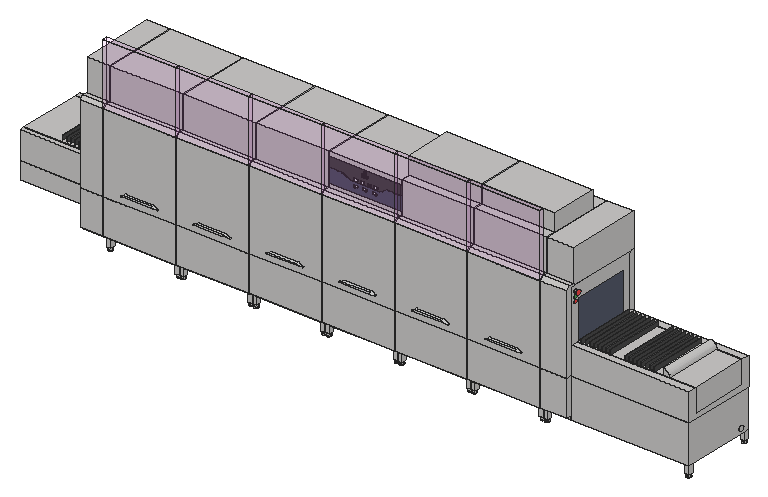
Revit family "QF_ELECTROLUXPROFESSIONAL_520131_EFTD108EL2U3D1M5EL386", category Attrezzature speciali, Revit 2020
Family settings
  Quota connettore circolare = Usa diametro
  Tipo di parte = Normale
  Basato su piano di lavoro = No
  Sempre verticale = Sì
  Taglio con vuoti quando caricato = No
  Condiviso = No
  Punto di calcolo locali = No
Parameters (values of type "Standard")
  Weight = 1602.00 kg
  Watts = 87700 W
  Volts = 380 V
  URL Manufacturer = "https://www.electroluxprofessional.com/"
  URL = "https://www.electroluxprofessional.com/"
  Steam Supply Size = 0 mm
  Steam Supply Minimum Pressure = 0.0 Pa
  Steam Supply Maximum Pressure = 0.0 Pa
  Steam Consumption per Hour = 0
  Show Logo [instance] = yes
  Show Clearance [instance] = yes
  Refrigeration Suction Line Size = 0 mm
  Refrigeration Liquid Line Size = 0 mm
  Refrigerant Compressor Remote = yes
  Prospetto di default = 0 mm
  Produttore = "Electrolux Professional"
  Phase = 3
  Modello = "EFTD108EL2U3D1M5EL386"
  Length Actual = 7350 mm  # constant formula
  Item Number = "520131"
  Hot Water Size = 0 mm
  Height Actual = 1983 mm  # constant formula
  HP = "117.6 HP"
  Gas Size = 0 mm
  Gas KW = 0
  Gas Input Pressure = 0 W
  Direct Waste Size = 50.8 mm
  Descrizione = "FT, 4TANKS, 10800D/H, EL., 950MM LOADING, 1600MM UNLOADING, 1DRYER, 55MM CONVEYOR,ESD,L>R,380V60HZ3P"
  Depth Actual = 946 mm  # constant formula
  Cycle = 60 Hz
  Condensate Return Size = 0 mm
  Compressed Air Volume = 0.0 L/s
  Compressed Air Size = 0 mm
  Compressed Air Pressure = 0.0 Pa
  Cold Water Size = 0 mm
  Accessory = yes
Reference planes
  plane 1 "Centro (Fronte/Retro)": y = 0
  plane 2: z = 0
  plane 3 "Centro (Sinistra/Destra)": x = 0
  plane 4: z = 115
Forms (mm)
  Extrusion 1, solid, material "QF_Finishes_Stainless Steel"
    sketch origin (3032.404, 2, 1806.023) x (1, 0, 0) y (0, 0, 1)
      loop
        line (407.596, -163.023) -> (407.596, -183.023) -> (427.596, -183.023) -> (427.596, -163.023) -> (407.596, -163.023)
    from 0 to 2
  Extrusion 2, solid, material "QF_Finishes_Stainless Steel"
    sketch origin (7355.617, -934.464, 1290.159) x (0, 0, -1) y (0, -1, 0)
      loop
        circle (1102.159, -772.464) r 25
    from -9.383 to 5.617
  Extrusion 3, solid, material "QF_Finishes_Stainless Steel"
    sketch origin (3692.404, 2, 337.984) x (1, 0, 0) y (0, 0, 1)
      loop
        line (407.596, -163.023) -> (407.596, -183.023) -> (427.596, -183.023) -> (427.596, -163.023) -> (407.596, -163.023)
    from 0 to 2
  Extrusion 4, solid, material "QF_Finishes_Stainless Steel"
    sketch origin (3497.841, 200.464, 109.383) x (1, 0, 0) y (0, 1, 0)
      loop
        circle (1102.159, -772.464) r 10
    from -9.383 to 5.617
Dimensions and locks
  plane 4 to level = 115 mm
  aligned and locked: level to plane 2
Nested families
  nested 1: "MODULO_CENTER_800_FAN" at (4533.563, -388.258, 0), Show Clearance <- "Show Clearance", type "MODULO_CENTER_800_FAN"
    with Show Logo yes, Show Clearance yes, R_L no, L_R yes
  nested 2: "MODULO_CENTER_800_FAN" at (5333.563, -388.258, 0), Show Clearance <- "Show Clearance", type "MODULO_CENTER_800_FAN"
    with Show Logo yes, Show Clearance yes, R_L no, L_R yes
  nested 3: "MODULO_CENTER_800" at (3733.563, -388.258, 0), Show Clearance <- "Show Clearance", type "MODULO_CENTER_800"
    with Show Logo yes, Show Clearance yes, R_L no, L_R yes
  nested 4: "MODULO_ENTRY_DISH_950" at (558.563, -388.258, 0), type "MODULO_ENTRY_DISH_950"
    with Show Logo yes, Show Clearance yes, R_L no, L_R yes
  nested 5: "MODULO_USCITA_DISH_1600" at (6108.563, -388.258, 0), type "MODULO_USCITA_DISH_1600"
    with Show Logo yes, Show Clearance yes, R_L yes, L_R no
  nested 6: "Piedino_Square_115H" at (7326.5, -73.5, 0) x (-1, 0, 0) z (0, 0, 1), type "Piedino_Square_115H"
  nested 7: "Piedino_Square_115H" at (7326.5, -838.5, 0) x (-1, 0, 0) z (0, 0, 1), type "Piedino_Square_115H"
  nested 8: "Piedino_Square_115H" at (5773.5, -73.5, 0) x (-1, 0, 0) z (0, 0, 1), type "Piedino_Square_115H"
  nested 9: "Piedino_Square_115H" at (5773.5, -838.5, 0) x (-1, 0, 0) z (0, 0, 1), type "Piedino_Square_115H"
  nested 10: "Piedino_Square_115H" at (4173.5, -838.5, 0), type "Piedino_Square_115H"
  nested 11: "Piedino_Square_115H" at (4173.5, -73.5, 0), type "Piedino_Square_115H"
  nested 12: "Piedino_Square_115H" at (4926.5, -838.5, 0), type "Piedino_Square_115H"
  nested 13: "Piedino_Square_115H" at (4926.5, -73.5, 0), type "Piedino_Square_115H"
  nested 14: "Piedino_Square_115H" at (4973.5, -838.5, 0) x (-1, 0, 0) z (0, 0, 1), type "Piedino_Square_115H"
  nested 15: "Piedino_Square_115H" at (4973.5, -73.5, 0) x (-1, 0, 0) z (0, 0, 1), type "Piedino_Square_115H"
  nested 16: "Piedino_Square_115H" at (5726.5, -838.5, 0) x (-1, 0, 0) z (0, 0, 1), type "Piedino_Square_115H"
  nested 17: "Piedino_Square_115H" at (5726.5, -73.5, 0) x (-1, 0, 0) z (0, 0, 1), type "Piedino_Square_115H"
  nested 18: "Piedino_Square_115H" at (3373.5, -838.5, 0), type "Piedino_Square_115H"
  nested 19: "Piedino_Square_115H" at (3373.5, -73.5, 0), type "Piedino_Square_115H"
  nested 20: "Piedino_Square_115H" at (4126.5, -838.5, 0), type "Piedino_Square_115H"
  nested 21: "Piedino_Square_115H" at (4126.5, -73.5, 0), type "Piedino_Square_115H"
  nested 22: "MANIGLIA_FLIGHT_400" at (3750, -912, 639.28) x (1, 0, 0) z (0, -1, 0), type "MANIGLIA_FLIGHT_400"
  nested 23: "MANIGLIA_FLIGHT_400" at (5350, -912, 639.28) x (1, 0, 0) z (0, -1, 0), type "MANIGLIA_FLIGHT_400"
  nested 24: "MANIGLIA_FLIGHT_400" at (4550, -912, 639.28) x (1, 0, 0) z (0, -1, 0), type "MANIGLIA_FLIGHT_400"
  nested 25: "MODULO_CENTER_800" at (2966.437, -388.258, 0) x (-1, 0, 0) z (0, 0, 1), Show Clearance <- "Show Clearance", type "MODULO_CENTER_800"
    with Show Logo yes, Show Clearance yes, R_L no, L_R yes
  nested 26: "Piedino_Square_115H" at (3326.5, -838.5, 0) x (-1, 0, 0) z (0, 0, 1), type "Piedino_Square_115H"
  nested 27: "Piedino_Square_115H" at (3326.5, -73.5, 0) x (-1, 0, 0) z (0, 0, 1), type "Piedino_Square_115H"
  nested 28: "Piedino_Square_115H" at (2573.5, -838.5, 0) x (-1, 0, 0) z (0, 0, 1), type "Piedino_Square_115H"
  nested 29: "Piedino_Square_115H" at (2573.5, -73.5, 0) x (-1, 0, 0) z (0, 0, 1), type "Piedino_Square_115H"
  nested 30: "MANIGLIA_FLIGHT_400" at (2950, -912, 639.28) x (-1, 0, 0) z (0, -1, 0), type "MANIGLIA_FLIGHT_400"
  nested 31: "MODULO_CENTER_800" at (2133.563, -388.258, 0), Show Clearance <- "Show Clearance", type "MODULO_CENTER_800"
    with Show Logo yes, Show Clearance yes, R_L no, L_R yes
  nested 32: "Piedino_Square_115H" at (1773.5, -838.5, 0), type "Piedino_Square_115H"
  nested 33: "Piedino_Square_115H" at (1773.5, -73.5, 0), type "Piedino_Square_115H"
  nested 34: "Piedino_Square_115H" at (2526.5, -838.5, 0), type "Piedino_Square_115H"
  nested 35: "Piedino_Square_115H" at (2526.5, -73.5, 0), type "Piedino_Square_115H"
  nested 36: "MANIGLIA_FLIGHT_400" at (2150, -912, 639.28) x (1, 0, 0) z (0, -1, 0), type "MANIGLIA_FLIGHT_400"
  nested 37: "MODULO_CENTER_800" at (1366.437, -388.258, 0) x (-1, 0, 0) z (0, 0, 1), Show Clearance <- "Show Clearance", type "MODULO_CENTER_800"
    with Show Logo yes, Show Clearance yes, R_L no, L_R yes
  nested 38: "Piedino_Square_115H" at (1726.5, -838.5, 0) x (-1, 0, 0) z (0, 0, 1), type "Piedino_Square_115H"
  nested 39: "Piedino_Square_115H" at (1726.5, -73.5, 0) x (-1, 0, 0) z (0, 0, 1), type "Piedino_Square_115H"
  nested 40: "Piedino_Square_115H" at (973.5, -838.5, 0) x (-1, 0, 0) z (0, 0, 1), type "Piedino_Square_115H"
  nested 41: "Piedino_Square_115H" at (973.5, -73.5, 0) x (-1, 0, 0) z (0, 0, 1), type "Piedino_Square_115H"
  nested 42: "MANIGLIA_FLIGHT_400" at (1350, -912, 639.28) x (-1, 0, 0) z (0, -1, 0), type "MANIGLIA_FLIGHT_400"
  nested 43: "Schermo_Flight_800" at (3750, -815, 1592.837) x (1, 0, 0) z (0, -1, 0), type "Schermo_Flight_800"
  nested 44: "ELX_LOGO_WORDS_WHITE" at (3750, -816.6, 1682.837) x (1, 0, 0) z (0, -1, 0), Show Logo <- "Show Logo", visible <- "Show Logo", type "ELX_LOGO_WORDS_WHITE"
    with Show Logo yes
  nested 45: "ELX_LOGO_MONO_SMALL_WHITE" at (3740.08, -816.6, 1668.837) x (-1, 0, 0) z (0, -1, 0), Show Logo <- "Show Logo", visible <- "Show Logo", type "ELX_LOGO_MONO_SMALL_WHITE"
    with Show Logo yes
Connectors
  electrical at (3450, 2, 1633)
    settings: on Extrusion 1, index 69, voltage 0 V, apparent load 0 VA, apparent load phase1 0 VA, apparent load phase2 0 VA, apparent load phase3 0 VA, power factor 1, load classification "Altro", number of poles 1, system type 30, power factor state 1, is connector primary yes, connector utility no, sub classification motor no, connector description "EI"
  piping at (7365, -162, 188), diameter 50
    settings: on Extrusion 2, index 70, connector inside diameter 609.6 mm, connector length 0 mm, flow factor 0, pipe flow 0.0 L/s, pressure drop 0.0 Pa, fitting loss kfactor 0, connector angle 0.00°, fixture units 0, engagement length 0 mm, angle of deflection 0.00°, flow configuration 0, flow direction 0, fitting loss method 0, system type 29, joint type 0, gender type 0, connector reference index -1, connector utility 0, adjustable connector no, is connector primary yes, connector description "D"
  electrical at (4110, 2, 164.961)
    settings: on Extrusion 3, index 71, voltage 0 V, apparent load 0 VA, apparent load phase1 0 VA, apparent load phase2 0 VA, apparent load phase3 0 VA, power factor 1, load classification "Altro", number of poles 1, system type 30, power factor state 1, is connector primary no, connector utility no, sub classification motor no, connector description "EQ"
  piping at (4600, -572, 100), diameter 19.1
    settings: on Extrusion 4, index 72, connector inside diameter 609.6 mm, connector length 0 mm, flow factor 0, pipe flow 0.0 L/s, pressure drop 0.0 Pa, fitting loss kfactor 0, connector angle 0.00°, fixture units 0, engagement length 0 mm, angle of deflection 0.00°, flow configuration 0, flow direction 0, fitting loss method 0, system type 29, joint type 0, gender type 0, connector reference index -1, connector utility 0, adjustable connector no, is connector primary no, connector description "HWI/CWI"
Definition of nested family "MODULO_CENTER_800_FAN"
  Parameters (values of type "MODULO_CENTER_800_FAN")
    URL = "http://professional.electrolux.com"
    Show Logo [instance] = yes
    R_L [instance] = not(L_R)  # no
    Default Elevation = 0 mm
    Manufacturer = "Electrolux"
    Model = "ESR10E5"
    Length Actual = 800 mm
    Show Clearance [instance] = yes
    L_R [instance] = yes
    Height Actual = 1792 mm
    Description = "SINGLE RINSE RT, 100R/H, ELECTRIC 50HZ"
    Depth Actual = 912 mm
  Reference planes
    plane 1 "Center X": y = -67.742
    plane 2: z = 0
    plane 3 "LEFT": x = -383.563
    plane 4 "RIGHT": x = 416.437
    plane 5 "BACK": y = 388.258
    plane 6 "FEET": z = 115
    plane 7: z = 2092
    plane 8 "TOP": z = 1792
    plane 9 "FRONT": y = -523.742
    plane 10 "Left/Right": x = 16.437
    plane 11 "TopVent": z = 1983
  Forms (mm)
    Extrusion 1, solid
      sketch origin (416.437, 479.936, 4000) x (0, 1, 0) y (0, 0, 1)
        loop
          line (-91.678, -2208) -> (-906.678, -2208) -> (-906.678, -2580) -> (-91.678, -2580) -> (-91.678, -2208)
      from -800 to 0
    Extrusion 2, solid
      sketch origin (-383.563, 437.565, 3910) x (0, 1, 0) y (0, 0, 1)
        loop
          line (-99.307, -2490) -> (-911.307, -2490) -> (-911.307, -3552) -> (-99.307, -3552) -> (-99.307, -2490)
      from 800 to 0
    Extrusion 3, solid
      sketch origin (416.437, 479.936, 4299) x (0, 1, 0) y (0, 0, 1)
        loop
          line (-278.21, -2316) -> (-803.678, -2316) -> (-803.678, -2507) -> (-278.21, -2507) -> (-278.21, -2316)
      from -800 to 0
    Extrusion 4, solid
      sketch origin (16.437, 0, 1.5) x (0, 0, 1) y (0, -1, 0)
        loop
          line (356.5, -338.258) -> (356.5, 473.742) -> (113.5, 473.742) -> (113.5, -338.258) -> (356.5, -338.258)
      from 400 to -400
    Extrusion 5, solid
      sketch origin (16.437, 0, 0) x (0, 0, 1) y (0, -1, 0)
        loop
          line (1420, -338.258) -> (545, -338.258) -> (545, -388.258) -> (1420, -388.258) -> (1420, -338.258)
      from -400 to 400
    Extrusion 6, solid
      sketch origin (16.437, 0, 0) x (0, 0, 1) y (0, -1, 0)
        loop
          line (545, -388.258) -> (545, -338.258) -> (154, -338.258) -> (154, -388.258) -> (545, -388.258)
      from -400 to 400
    Extrusion 7, solid
      sketch origin (16.437, -882.484, -150) x (0, -1, 0) y (0, 0, 1)
        loop
          line (-358.742, 304) -> (-358.742, 695) -> (-408.742, 695) -> (-408.742, 304) -> (-358.742, 304)
      from -400 to 400
    Extrusion 8, solid
      sketch origin (16.437, -882.484, -151) x (0, -1, 0) y (0, 0, 1)
        loop
          line (-408.742, 1571) -> (-408.742, 696) -> (-358.742, 696) -> (-358.742, 1556) -> (-395.742, 1593) -> (-443.742, 1593) -> (-443.742, 1571) -> (-408.742, 1571)
      from -400 to 400
    Extrusion 9, solid, visible <- "Show Clearance"
      sketch origin (16.437, -882.484, 452) x (0, -1, 0) y (0, 0, 1)
        loop
          line (-408.742, 1640) -> (-408.742, 953.624) -> (-358.742, 953.624) -> (-358.742, 1640) -> (-408.742, 1640)
      from -400 to 400
  Dimensions and locks
    plane 3 "LEFT" to plane 4 "RIGHT" = 800 mm
    plane 5 "BACK" to plane 1 "Center X" to plane 9 "FRONT" = 456 mm, 456 mm
    plane 6 "FEET" to level = 115 mm  (x2)
    plane 6 "FEET" to plane 8 "TOP" = 1677 mm
    plane 5 "BACK" to plane 9 "FRONT" = 912 mm  (x2)
    plane 4 "RIGHT" to plane 3 "LEFT" = 800 mm
    plane 9 "FRONT" to plane 5 "BACK" = 912 mm
    level to plane 8 "TOP" = 1792 mm  (x2)
    plane 7 to level = 2092 mm
    plane 11 "TopVent" to plane 2 = 1983 mm
    plane 7 to plane 2 = 2092 mm
    Extrusion 2 to level = 1420 mm
    Extrusion 8 to level = 1442 mm
    plane 11 "TopVent" to level = 1983 mm
    aligned and locked: level to plane 2
Definition of nested family "MODULO_CENTER_800"
  Parameters (values of type "MODULO_CENTER_800")
    URL = "http://professional.electrolux.com"
    Show Logo [instance] = yes
    R_L [instance] = not(L_R)  # no
    Default Elevation = 0 mm
    Manufacturer = "Electrolux"
    Model = "ESR10E5"
    Length Actual = 800 mm
    Show Clearance [instance] = yes
    L_R [instance] = yes
    Height Actual = 1792 mm
    Description = "SINGLE RINSE RT, 100R/H, ELECTRIC 50HZ"
    Depth Actual = 912 mm
  Reference planes
    plane 1 "Center X": y = -67.742
    plane 2: z = 0
    plane 3 "LEFT": x = -383.563
    plane 4 "RIGHT": x = 416.437
    plane 5 "BACK": y = 388.258
    plane 6 "FEET": z = 115
    plane 7: z = 2092
    plane 8 "TOP": z = 1792
    plane 9 "FRONT": y = -523.742
    plane 10 "Left/Right": x = 16.437
  Forms (mm)
    Extrusion 1, solid
      sketch origin (416.437, 479.936, 4000) x (0, 1, 0) y (0, 0, 1)
        loop
          line (-91.678, -2208) -> (-906.678, -2208) -> (-906.678, -2580) -> (-91.678, -2580) -> (-91.678, -2208)
      from -800 to 0
    Extrusion 2, solid
      sketch origin (-383.563, 437.565, 3915) x (0, 1, 0) y (0, 0, 1)
        loop
          line (-99.307, -2495) -> (-911.307, -2495) -> (-911.307, -3557) -> (-99.307, -3557) -> (-99.307, -2495)
      from 800 to 0
    Extrusion 3, solid
      sketch origin (16.437, 0, 1.5) x (0, 0, 1) y (0, -1, 0)
        loop
          line (356.5, -338.258) -> (356.5, 473.742) -> (113.5, 473.742) -> (113.5, -338.258) -> (356.5, -338.258)
      from 400 to -400
    Extrusion 4, solid
      sketch origin (16.437, 0, 0) x (0, 0, 1) y (0, -1, 0)
        loop
          line (1420, -338.258) -> (545, -338.258) -> (545, -388.258) -> (1420, -388.258) -> (1420, -338.258)
      from -400 to 400
    Extrusion 5, solid
      sketch origin (16.437, 0, 0) x (0, 0, 1) y (0, -1, 0)
        loop
          line (545, -388.258) -> (545, -338.258) -> (154, -338.258) -> (154, -388.258) -> (545, -388.258)
      from -400 to 400
    Extrusion 6, solid
      sketch origin (16.437, -882.484, -150) x (0, -1, 0) y (0, 0, 1)
        loop
          line (-358.742, 304) -> (-358.742, 695) -> (-408.742, 695) -> (-408.742, 304) -> (-358.742, 304)
      from -400 to 400
    Extrusion 7, solid
      sketch origin (16.437, -882.484, -151) x (0, -1, 0) y (0, 0, 1)
        loop
          line (-408.742, 1571) -> (-408.742, 696) -> (-358.742, 696) -> (-358.742, 1556) -> (-395.742, 1593) -> (-443.742, 1593) -> (-443.742, 1571) -> (-408.742, 1571)
      from -400 to 400
    Extrusion 8, solid, visible <- "Show Clearance"
      sketch origin (16.437, -882.484, 452) x (0, -1, 0) y (0, 0, 1)
        loop
          line (-408.742, 1640) -> (-408.742, 953.624) -> (-358.742, 953.624) -> (-358.742, 1640) -> (-408.742, 1640)
      from -400 to 400
  Dimensions and locks
    plane 3 "LEFT" to plane 4 "RIGHT" = 800 mm
    plane 5 "BACK" to plane 1 "Center X" to plane 9 "FRONT" = 456 mm, 456 mm
    plane 6 "FEET" to level = 115 mm  (x2)
    plane 6 "FEET" to plane 8 "TOP" = 1677 mm
    plane 5 "BACK" to plane 9 "FRONT" = 912 mm  (x2)
    plane 4 "RIGHT" to plane 3 "LEFT" = 800 mm
    plane 9 "FRONT" to plane 5 "BACK" = 912 mm
    level to plane 8 "TOP" = 1792 mm  (x2)
    plane 7 to level = 2092 mm
    plane 7 to plane 2 = 2092 mm
    Extrusion 2 to level = 1420 mm
    Extrusion 7 to level = 1442 mm
    aligned and locked: level to plane 2
Definition of nested family "MODULO_ENTRY_DISH_950"
  Parameters (values of type "MODULO_ENTRY_DISH_950")
    URL = "http://professional.electrolux.com"
    Show Logo [instance] = yes
    R_L [instance] = not(L_R)  # no
    Default Elevation = 0 mm
    Manufacturer = "Electrolux"
    Model = "ESR10E5"
    Length Actual = 800 mm
    Show Clearance [instance] = yes
    L_R [instance] = yes
    Height Actual = 1792 mm
    Description = "SINGLE RINSE RT, 100R/H, ELECTRIC 50HZ"
    Depth Actual = 912 mm
  Reference planes
    plane 1 "Center (Front/Back)": y = -67.742
    plane 2: z = 0
    plane 3 "LEFT": x = -558.563
    plane 4 "RIGHT": x = 391.437
    plane 5 "BACK": y = 388.258
    plane 6 "FRONT": y = -523.742
    plane 7 "BUTTONS": y = -427.742
    plane 8: z = 115
    plane 9 "2": y = 292.258
  Forms (mm)
    Extrusion 1, solid, visible <- "L_R"
      sketch origin (391.437, 479.936, 4000) x (0, 1, 0) y (0, 0, 1)
        loop
          line (-91.678, -2208) -> (-906.678, -2208) -> (-906.678, -2580) -> (-91.678, -2580) -> (-91.678, -2208)
      from -250 to 0
    Extrusion 2, solid
      sketch origin (-358.563, 437.565, 3910) x (0, 1, 0) y (0, 0, 1)
        loop
          line (-99.307, -2490) -> (-911.307, -2490) -> (-911.307, -3552) -> (-99.307, -3552) -> (-99.307, -2490)
      from 750 to 500
    Extrusion 3, solid
      sketch origin (-558.563, 437.565, 3910) x (0, 1, 0) y (0, 0, 1)
        loop
          line (-99.307, -3365) -> (-99.307, -3060) -> (-149.307, -3060) -> (-149.307, -3315) -> (-861.307, -3315) -> (-861.307, -3060) -> (-911.307, -3060) -> (-911.307, -3365) -> (-99.307, -3365)
      from 700 to 0
    Extrusion 4, solid
      sketch origin (16.437, 0, -4.987) x (0, 0, 1) y (0, -1, 0)
        loop
          line (362.987, -338.258) -> (362.987, 473.742) -> (119.987, 473.742) -> (119.987, -338.258) -> (362.987, -338.258)
      from 375 to 125
    Extrusion 5, solid, visible <- "L_R"
      sketch origin (16.437, 0, 0) x (0, 0, 1) y (0, -1, 0)
        loop
          line (1420, -338.258) -> (545, -338.258) -> (545, -388.258) -> (1420, -388.258) -> (1420, -338.258)
      from 125 to 375
    Extrusion 6, solid
      sketch origin (16.437, 0, 0) x (0, 0, 1) y (0, -1, 0)
        loop
          line (545, -388.258) -> (545, -338.258) -> (154, -338.258) -> (154, -388.258) -> (545, -388.258)
      from 125 to 375
    Extrusion 7, solid
      sketch origin (-558.563, 437.565, 3607.258) x (0, 1, 0) y (0, 0, 1)
        loop
          line (-99.307, -3249.258) -> (-99.307, -3062.258) -> (-911.307, -3062.258) -> (-911.307, -3249.258) -> (-99.307, -3249.258)
      from 700 to 0
    Extrusion 8, solid
      sketch origin (-558.563, 437.565, 4000) x (0, 1, 0) y (0, 0, 1)
        loop
          line (-149.307, -3150) -> (-861.307, -3150) -> (-861.307, -3405) -> (-149.307, -3405) -> (-149.307, -3150)
      from 0 to 700
    Extrusion 9, solid
      sketch origin (266.437, -882.484, -150) x (0, -1, 0) y (0, 0, 1)
        loop
          line (-358.742, 304) -> (-358.742, 695) -> (-408.742, 695) -> (-408.742, 304) -> (-358.742, 304)
      from -125 to 125
    Extrusion 10, solid, visible <- "L_R"
      sketch origin (266.437, -882.484, -151) x (0, -1, 0) y (0, 0, 1)
        loop
          line (-408.742, 1571) -> (-408.742, 696) -> (-358.742, 696) -> (-358.742, 1556) -> (-395.742, 1593) -> (-443.742, 1593) -> (-443.742, 1571) -> (-408.742, 1571)
      from -125 to 125
    Extrusion 11, solid
      sketch origin (-358.563, 437.565, 4000) x (0, 1, 0) y (0, 0, 1)
        loop
          line (-199.307, -2725.701) -> (-811.307, -2725.701) -> (-811.307, -3137.701) -> (-199.307, -3137.701) -> (-199.307, -2725.701)
      from 495.458 to 500
    Extrusion 12, solid, visible <- "R_L"
      sketch origin (266.437, 747, -151) x (0, 1, 0) y (0, 0, -1)
        loop
          line (-408.742, -1571) -> (-443.742, -1571) -> (-443.742, -1593) -> (-395.742, -1593) -> (-358.742, -1556) -> (-358.742, -696) -> (-408.742, -696) -> (-408.742, -1571)
      from -125 to 125
    Extrusion 13, solid, visible <- "R_L"
      sketch origin (16.437, -135.484, 0) x (0, 0, 1) y (0, -1, 0)
        loop
          line (1420, 338.258) -> (1420, 388.258) -> (545, 388.258) -> (545, 338.258) -> (1420, 338.258)
      from 125 to 375
    Extrusion 14, solid, visible <- "R_L"
      sketch origin (391.437, -615.42, 4000) x (0, -1, 0) y (0, 0, -1)
        loop
          line (-91.678, 2208) -> (-91.678, 2580) -> (-906.678, 2580) -> (-906.678, 2208) -> (-91.678, 2208)
      from -250 to 0
    Extrusion 15, solid
      sketch origin (-191.477, -192.742, -3) x (-1, 0, 0) y (0, 0, 1)
        loop
          line (-26.676, 853) -> (-26.676, 898) -> (-36.676, 898) -> (-36.676, 853) -> (-26.676, 853)
      from -196 to 446
    Extrusion 16, solid
      sketch origin (-146.477, -192.742, -3) x (-1, 0, 0) y (0, 0, 1)
        loop
          line (-26.676, 853) -> (-26.676, 898) -> (-36.676, 898) -> (-36.676, 853) -> (-26.676, 853)
      from -196 to 446
    Extrusion 17, solid
      sketch origin (-101.477, -192.742, -3) x (-1, 0, 0) y (0, 0, 1)
        loop
          line (-26.676, 853) -> (-26.676, 898) -> (-36.676, 898) -> (-36.676, 853) -> (-26.676, 853)
      from -196 to 446
    Extrusion 18, solid
      sketch origin (-56.477, -192.742, -3) x (-1, 0, 0) y (0, 0, 1)
        loop
          line (-26.676, 853) -> (-26.676, 898) -> (-36.676, 898) -> (-36.676, 853) -> (-26.676, 853)
      from -196 to 446
    Extrusion 19, solid
      sketch origin (-11.477, -192.742, -3) x (-1, 0, 0) y (0, 0, 1)
        loop
          line (-26.676, 853) -> (-26.676, 898) -> (-36.676, 898) -> (-36.676, 853) -> (-26.676, 853)
      from -196 to 446
    Extrusion 20, solid
      sketch origin (33.523, -192.742, -3) x (-1, 0, 0) y (0, 0, 1)
        loop
          line (-26.676, 853) -> (-26.676, 898) -> (-36.676, 898) -> (-36.676, 853) -> (-26.676, 853)
      from -196 to 446
  Dimensions and locks
    plane 3 "LEFT" to plane 4 "RIGHT" = 950 mm
    plane 5 "BACK" to plane 1 "Center (Front/Back)" to plane 6 "FRONT" = 456 mm, 456 mm
    plane 5 "BACK" to plane 6 "FRONT" = 912 mm  (x2)
    plane 4 "RIGHT" to plane 3 "LEFT" = 950 mm  (x2)
    plane 6 "FRONT" to plane 5 "BACK" = 912 mm
    plane 8 to level = 115 mm
    Extrusion 1 to level = 1792 mm
    Extrusion 3 to level = 850 mm
    aligned and locked: level to plane 2
  Nested families
    nested 1: "BOTTONE_RED_STOP" at (141.437, -427.742, 1266.906) x (0, -1, 0) z (-1, 0, 0), visible <- "L_R", type "BOTTONE_RED_STOP"
    nested 2: "BOTTONE_EMERGENCY_STOP" at (141.437, -427.742, 1370) x (0, -1, 0) z (-1, 0, 0), visible <- "L_R", type "BOTTONE_EMERGENCY_STOP"
    nested 3: "BOTTONE_GREEN_START" at (141.437, -427.742, 1316.906) x (0, -1, 0) z (-1, 0, 0), visible <- "L_R", type "BOTTONE_GREEN_START"
    nested 4: "BOTTONE_RED_STOP" at (141.437, 292.258, 1267.906) x (0, 1, 0) z (-1, 0, 0), visible <- "R_L", type "BOTTONE_RED_STOP"
    nested 5: "BOTTONE_EMERGENCY_STOP" at (141.437, 292.258, 1371) x (0, 1, 0) z (-1, 0, 0), visible <- "R_L", type "BOTTONE_EMERGENCY_STOP"
    nested 6: "BOTTONE_GREEN_START" at (141.437, 292.258, 1317.906) x (0, 1, 0) z (-1, 0, 0), visible <- "R_L", type "BOTTONE_GREEN_START"
  Definition of nested family "BOTTONE_RED_STOP"
    Parameters (values of type "BOTTONE_RED_STOP")
      Default Elevation = 1219.2 mm
    Reference planes
      plane 1 "Centro (Fronte/Retro)": y = 0
      plane 2: z = 0
      plane 3 "Centro (Sinistra/Destra)": x = 0
    Forms (mm)
      Extrusion 1, solid
        sketch origin (0, 0, 0) x (1, 0, 0) y (0, 1, 0)
          loop
            line (-1219.2, 1219.2) -> (-1219.2, -1219.2) -> (1219.2, -1219.2) -> (1219.2, 1219.2) -> (-1219.2, 1219.2)
        from 0 to -304.8
      Extrusion 2, solid
        sketch origin (-367.513, 69.533, 15) x (-1, 0, 0) y (0, 1, 0)
          loop
            circle (-367.513, -69.533) r 15
        from 0 to 15
    Dimensions and locks
      aligned and locked: plane 2 to Extrusion 1
      aligned and locked: level to Extrusion 1
  Definition of nested family "BOTTONE_EMERGENCY_STOP"
    Parameters
      Default Elevation = 1219.2 mm
    Reference planes
      plane 1 "Centro (Fronte/Retro)": y = 0
      plane 2: z = 0
      plane 3 "Centro (Sinistra/Destra)": x = 0
    Forms (mm)
      Extrusion 1, solid
        sketch origin (0, 0, 0) x (1, 0, 0) y (0, 1, 0)
          loop
            line (-1219.2, 1219.2) -> (-1219.2, -1219.2) -> (1219.2, -1219.2) -> (1219.2, 1219.2) -> (-1219.2, 1219.2)
        from 0 to -304.8
      Extrusion 2, solid
        sketch origin (0, 0, 0) x (1, 0, 0) y (0, 1, 0)
          loop
            circle (0, 0) r 15
        from 0 to 20.273
      Blend 3, solid
        base sketch origin (-49.801, 0, 0) x (1, 0, 0) y (0, 1, 0)
          loop
            circle (49.801, 0) r 15
        top sketch origin (-49.801, 0, 0) x (1, 0, 0) y (0, 1, 0)
          loop
            circle (49.801, 0) r 25
        from 20.273 to 47.605
    Dimensions and locks
      aligned and locked: plane 2 to Extrusion 1
      aligned and locked: level to Extrusion 1
  Definition of nested family "BOTTONE_GREEN_START"
    Parameters (values of type "BOTTONE_GREEN_START")
      Default Elevation = 1219.2 mm
    Reference planes
      plane 1 "Centro (Fronte/Retro)": y = 0
      plane 2: z = 0
      plane 3 "Centro (Sinistra/Destra)": x = 0
    Forms (mm)
      Extrusion 1, solid
        sketch origin (0, 0, 0) x (1, 0, 0) y (0, 1, 0)
          loop
            line (-1219.2, 1219.2) -> (-1219.2, -1219.2) -> (1219.2, -1219.2) -> (1219.2, 1219.2) -> (-1219.2, 1219.2)
        from 0 to -304.8
      Extrusion 2, solid
        sketch origin (-367.513, 69.533, 15) x (-1, 0, 0) y (0, 1, 0)
          loop
            circle (-367.513, -69.533) r 15
        from 0 to 15
    Dimensions and locks
      aligned and locked: plane 2 to Extrusion 1
      aligned and locked: level to Extrusion 1
Definition of nested family "MODULO_USCITA_DISH_1600"
  Parameters (values of type "MODULO_USCITA_DISH_1600")
    URL = "http://professional.electrolux.com"
    Show Logo [instance] = yes
    R_L [instance] = not(L_R)  # yes
    Default Elevation = 0 mm
    Manufacturer = "Electrolux"
    Model = "ESR10E5"
    Length Actual = 800 mm
    Show Clearance [instance] = yes
    L_R [instance] = no
    Height Actual = 1792 mm
    Description = "SINGLE RINSE RT, 100R/H, ELECTRIC 50HZ"
    Depth Actual = 912 mm
  Reference planes
    plane 1 "Center (Front/Back)": y = -67.742
    plane 2: z = 0
    plane 3 "LEFT": x = -358.563
    plane 4 "BACK": y = 388.258
    plane 5 "FEET": z = 115
    plane 6 "TOP": z = 1792
    plane 7 "FRONT": y = -523.742
    plane 8: x = -358.563
    plane 9: y = -427.742
    plane 10 "RIGHT": x = 1241.437
  Forms (mm)
    Extrusion 1, solid, visible <- "R_L"
      sketch origin (-358.563, 479.936, 4003) x (0, 1, 0) y (0, 0, -1)
        loop
          line (-91.678, 2211) -> (-91.678, 2583) -> (-906.678, 2583) -> (-906.678, 2211) -> (-91.678, 2211)
      from -300 to 0
    Extrusion 2, solid
      sketch origin (-358.563, 437.565, 4003) x (0, 1, 0) y (0, 0, 1)
        loop
          line (-99.307, -3458) -> (-911.307, -3458) -> (-911.307, -3888) -> (-99.307, -3888) -> (-99.307, -3458)
      from 300 to 0
    Extrusion 3, solid
      sketch origin (-358.563, 479.936, 4003) x (0, 1, 0) y (0, 0, -1)
        loop
          line (-141.678, 2583) -> (-141.678, 3458) -> (-953.678, 3458) -> (-953.678, 2583) -> (-141.678, 2583)
      from -300 to 0
    Extrusion 4, solid
      sketch origin (391.437, 437.565, 3913) x (0, 1, 0) y (0, 0, -1)
        loop
          line (-99.307, 3368) -> (-911.307, 3368) -> (-911.307, 3063) -> (-826.307, 3063) -> (-826.307, 3318) -> (-184.307, 3318) -> (-184.307, 3063) -> (-99.307, 3063) -> (-99.307, 3368)
      from 450 to -850
    Extrusion 5, solid, visible <- "R_L"
      sketch origin (16.437, 0, 3) x (0, 0, 1) y (0, 1, 0)
        loop
          line (1417, 338.258) -> (1417, 388.258) -> (542, 388.258) -> (542, 338.258) -> (1417, 338.258)
      from 75 to 375
    Extrusion 6, solid
      sketch origin (16.437, 0, 3) x (0, 0, 1) y (0, 1, 0)
        loop
          line (542, 388.258) -> (151, 388.258) -> (151, 338.258) -> (542, 338.258) -> (542, 388.258)
      from 75 to 375
    Extrusion 7, solid
      sketch origin (391.437, 437.565, 3610.258) x (0, 1, 0) y (0, 0, -1)
        loop
          line (-99.307, 3495.258) -> (-911.307, 3495.258) -> (-911.307, 3065.258) -> (-99.307, 3065.258) -> (-99.307, 3495.258)
      from 450 to -850
    Extrusion 8, solid
      sketch origin (1241.437, 0, 3) x (0, 1, 0) y (0, 0, 1)
        loop
          line (253.258, 847) -> (-388.742, 847) -> (-388.742, 592) -> (253.258, 592) -> (253.258, 847)
      from 0 to -1300
    Extrusion 9, solid
      sketch origin (-358.563, 437.565, 3928) x (0, 1, 0) y (0, 0, 1)
        loop
          line (-811.307, -3065.701) -> (-199.307, -3065.701) -> (-199.307, -2653.701) -> (-811.307, -2653.701) -> (-811.307, -3065.701)
      from 300 to 304.77
    Extrusion 10, solid
      sketch origin (-208.563, -115, -147) x (0, 1, 0) y (0, 0, 1)
        loop
          line (-358.742, 301) -> (-358.742, 692) -> (-408.742, 692) -> (-408.742, 301) -> (-358.742, 301)
      from -150 to 150
    Extrusion 11, solid, visible <- "R_L"
      sketch origin (-208.563, -882.484, -151) x (0, -1, 0) y (0, 0, 1)
        loop
          line (-408.742, 1571) -> (-408.742, 696) -> (-358.742, 696) -> (-358.742, 1556) -> (-395.742, 1593) -> (-443.742, 1593) -> (-443.742, 1571) -> (-408.742, 1571)
      from -150 to 150
    Extrusion 12, solid
      sketch origin (-39.574, -192.742, -3) x (-1, 0, 0) y (0, 0, 1)
        loop
          line (-26.676, 853) -> (-26.676, 898) -> (-36.676, 898) -> (-36.676, 853) -> (-26.676, 853)
      from -196 to 446
    Extrusion 13, solid
      sketch origin (5.426, -192.742, -3) x (-1, 0, 0) y (0, 0, 1)
        loop
          line (-26.676, 853) -> (-26.676, 898) -> (-36.676, 898) -> (-36.676, 853) -> (-26.676, 853)
      from -196 to 446
    Extrusion 14, solid
      sketch origin (50.426, -192.742, -3) x (-1, 0, 0) y (0, 0, 1)
        loop
          line (-26.676, 853) -> (-26.676, 898) -> (-36.676, 898) -> (-36.676, 853) -> (-26.676, 853)
      from -196 to 446
    Extrusion 15, solid
      sketch origin (95.426, -192.742, -3) x (-1, 0, 0) y (0, 0, 1)
        loop
          line (-26.676, 853) -> (-26.676, 898) -> (-36.676, 898) -> (-36.676, 853) -> (-26.676, 853)
      from -196 to 446
    Extrusion 16, solid
      sketch origin (140.426, -192.742, -3) x (-1, 0, 0) y (0, 0, 1)
        loop
          line (-26.676, 853) -> (-26.676, 898) -> (-36.676, 898) -> (-36.676, 853) -> (-26.676, 853)
      from -196 to 446
    Extrusion 17, solid
      sketch origin (185.426, -192.742, -3) x (-1, 0, 0) y (0, 0, 1)
        loop
          line (-26.676, 853) -> (-26.676, 898) -> (-36.676, 898) -> (-36.676, 853) -> (-26.676, 853)
      from -196 to 446
    Extrusion 18, solid
      sketch origin (230.426, -192.742, -3) x (-1, 0, 0) y (0, 0, 1)
        loop
          line (-26.676, 853) -> (-26.676, 898) -> (-36.676, 898) -> (-36.676, 853) -> (-26.676, 853)
      from -196 to 446
    Extrusion 19, solid
      sketch origin (275.426, -192.742, -3) x (-1, 0, 0) y (0, 0, 1)
        loop
          line (-26.676, 853) -> (-26.676, 898) -> (-36.676, 898) -> (-36.676, 853) -> (-26.676, 853)
      from -196 to 446
    Revolve 20, solid
      sketch origin (460, 0, 850) x (1, 0, 0) y (0, 1, 0)
        loop
          line (430.204, 253.258) -> (430.204, -388.742) -> (502.335, -388.742) -> (502.335, 253.258) -> (430.204, 253.258)
        axis (430.204, 253.258) -> (430.204, -388.742)
      angle from 0 to -90
    Extrusion 21, solid, visible <- "L_R"
      sketch origin (-208.563, 747, -151) x (0, 1, 0) y (0, 0, -1)
        loop
          line (-408.742, -1571) -> (-443.742, -1571) -> (-443.742, -1593) -> (-395.742, -1593) -> (-358.742, -1556) -> (-358.742, -696) -> (-408.742, -696) -> (-408.742, -1571)
      from -150 to 150
    Extrusion 22, solid, visible <- "L_R"
      sketch origin (16.437, -135.484, 3) x (0, 0, 1) y (0, 1, 0)
        loop
          line (1417, -338.258) -> (542, -338.258) -> (542, -388.258) -> (1417, -388.258) -> (1417, -338.258)
      from 75 to 375
    Extrusion 23, solid, visible <- "L_R"
      sketch origin (-358.563, -615.42, 4003) x (0, -1, 0) y (0, 0, 1)
        loop
          line (-91.678, -2211) -> (-906.678, -2211) -> (-906.678, -2583) -> (-91.678, -2583) -> (-91.678, -2211)
      from -300 to 0
    Extrusion 24, solid
      sketch origin (440.426, -192.742, -3) x (-1, 0, 0) y (0, 0, 1)
        loop
          line (-26.676, 853) -> (-26.676, 898) -> (-36.676, 898) -> (-36.676, 853) -> (-26.676, 853)
      from -196 to 446
    Extrusion 25, solid
      sketch origin (485.426, -192.742, -3) x (-1, 0, 0) y (0, 0, 1)
        loop
          line (-26.676, 853) -> (-26.676, 898) -> (-36.676, 898) -> (-36.676, 853) -> (-26.676, 853)
      from -196 to 446
    Extrusion 26, solid
      sketch origin (530.426, -192.742, -3) x (-1, 0, 0) y (0, 0, 1)
        loop
          line (-26.676, 853) -> (-26.676, 898) -> (-36.676, 898) -> (-36.676, 853) -> (-26.676, 853)
      from -196 to 446
    Extrusion 27, solid
      sketch origin (575.426, -192.742, -3) x (-1, 0, 0) y (0, 0, 1)
        loop
          line (-26.676, 853) -> (-26.676, 898) -> (-36.676, 898) -> (-36.676, 853) -> (-26.676, 853)
      from -196 to 446
    Extrusion 28, solid
      sketch origin (620.426, -192.742, -3) x (-1, 0, 0) y (0, 0, 1)
        loop
          line (-26.676, 853) -> (-26.676, 898) -> (-36.676, 898) -> (-36.676, 853) -> (-26.676, 853)
      from -196 to 446
    Extrusion 29, solid
      sketch origin (665.426, -192.742, -3) x (-1, 0, 0) y (0, 0, 1)
        loop
          line (-26.676, 853) -> (-26.676, 898) -> (-36.676, 898) -> (-36.676, 853) -> (-26.676, 853)
      from -196 to 446
    Extrusion 30, solid
      sketch origin (710.426, -192.742, -3) x (-1, 0, 0) y (0, 0, 1)
        loop
          line (-26.676, 853) -> (-26.676, 898) -> (-36.676, 898) -> (-36.676, 853) -> (-26.676, 853)
      from -196 to 446
    Extrusion 31, solid
      sketch origin (755.426, -192.742, -3) x (-1, 0, 0) y (0, 0, 1)
        loop
          line (-26.676, 853) -> (-26.676, 898) -> (-36.676, 898) -> (-36.676, 853) -> (-26.676, 853)
      from -196 to 446
  Dimensions and locks
    plane 4 "BACK" to plane 1 "Center (Front/Back)" to plane 7 "FRONT" = 456 mm, 456 mm
    plane 5 "FEET" to level = 115 mm  (x2)
    plane 4 "BACK" to plane 7 "FRONT" = 912 mm  (x2)
    plane 7 "FRONT" to plane 4 "BACK" = 912 mm
    level to plane 6 "TOP" = 1792 mm
    plane 3 "LEFT" to plane 10 "RIGHT" = 1600 mm
    plane 8 to plane 10 "RIGHT" = 1600 mm
    plane 6 "TOP" to level = 1792 mm
    aligned and locked: level to plane 2
  Nested families
    nested 1: "BOTTONE_EMERGENCY_STOP" at (-58.563, -427.742, 1369) x (0, -1, 0) z (1, 0, 0), visible <- "R_L", type "BOTTONE_EMERGENCY_STOP"
    nested 2: "BOTTONE_GREEN_START" at (-58.563, -427.742, 1315.906) x (0, -1, 0) z (1, 0, 0), visible <- "R_L", type "BOTTONE_GREEN_START"
    nested 3: "BOTTONE_RED_STOP" at (-58.563, -427.742, 1265.906) x (0, -1, 0) z (1, 0, 0), visible <- "R_L", type "BOTTONE_RED_STOP"
    nested 4: "BOTTONE_EMERGENCY_STOP" at (-58.563, 292.258, 1369) x (0, 1, 0) z (1, 0, 0), visible <- "L_R", type "BOTTONE_EMERGENCY_STOP"
    nested 5: "BOTTONE_GREEN_START" at (-58.563, 292.258, 1315.906) x (0, 1, 0) z (1, 0, 0), visible <- "L_R", type "BOTTONE_GREEN_START"
    nested 6: "BOTTONE_RED_STOP" at (-58.563, 292.258, 1265.906) x (0, 1, 0) z (1, 0, 0), visible <- "L_R", type "BOTTONE_RED_STOP"
  Definition of nested family "BOTTONE_EMERGENCY_STOP"
    Parameters
      Default Elevation = 1219.2 mm
    Reference planes
      plane 1 "Centro (Fronte/Retro)": y = 0
      plane 2: z = 0
      plane 3 "Centro (Sinistra/Destra)": x = 0
    Forms (mm)
      Extrusion 1, solid
        sketch origin (0, 0, 0) x (1, 0, 0) y (0, 1, 0)
          loop
            line (-1219.2, 1219.2) -> (-1219.2, -1219.2) -> (1219.2, -1219.2) -> (1219.2, 1219.2) -> (-1219.2, 1219.2)
        from 0 to -304.8
      Extrusion 2, solid
        sketch origin (0, 0, 0) x (1, 0, 0) y (0, 1, 0)
          loop
            circle (0, 0) r 15
        from 0 to 20.273
      Blend 3, solid
        base sketch origin (-49.801, 0, 0) x (1, 0, 0) y (0, 1, 0)
          loop
            circle (49.801, 0) r 15
        top sketch origin (-49.801, 0, 0) x (1, 0, 0) y (0, 1, 0)
          loop
            circle (49.801, 0) r 25
        from 20.273 to 47.605
    Dimensions and locks
      aligned and locked: plane 2 to Extrusion 1
      aligned and locked: level to Extrusion 1
  Definition of nested family "BOTTONE_GREEN_START"
    Parameters (values of type "BOTTONE_GREEN_START")
      Default Elevation = 1219.2 mm
    Reference planes
      plane 1 "Centro (Fronte/Retro)": y = 0
      plane 2: z = 0
      plane 3 "Centro (Sinistra/Destra)": x = 0
    Forms (mm)
      Extrusion 1, solid
        sketch origin (0, 0, 0) x (1, 0, 0) y (0, 1, 0)
          loop
            line (-1219.2, 1219.2) -> (-1219.2, -1219.2) -> (1219.2, -1219.2) -> (1219.2, 1219.2) -> (-1219.2, 1219.2)
        from 0 to -304.8
      Extrusion 2, solid
        sketch origin (-367.513, 69.533, 15) x (-1, 0, 0) y (0, 1, 0)
          loop
            circle (-367.513, -69.533) r 15
        from 0 to 15
    Dimensions and locks
      aligned and locked: plane 2 to Extrusion 1
      aligned and locked: level to Extrusion 1
  Definition of nested family "BOTTONE_RED_STOP"
    Parameters (values of type "BOTTONE_RED_STOP")
      Default Elevation = 1219.2 mm
    Reference planes
      plane 1 "Centro (Fronte/Retro)": y = 0
      plane 2: z = 0
      plane 3 "Centro (Sinistra/Destra)": x = 0
    Forms (mm)
      Extrusion 1, solid
        sketch origin (0, 0, 0) x (1, 0, 0) y (0, 1, 0)
          loop
            line (-1219.2, 1219.2) -> (-1219.2, -1219.2) -> (1219.2, -1219.2) -> (1219.2, 1219.2) -> (-1219.2, 1219.2)
        from 0 to -304.8
      Extrusion 2, solid
        sketch origin (-367.513, 69.533, 15) x (-1, 0, 0) y (0, 1, 0)
          loop
            circle (-367.513, -69.533) r 15
        from 0 to 15
    Dimensions and locks
      aligned and locked: plane 2 to Extrusion 1
      aligned and locked: level to Extrusion 1
Definition of nested family "Piedino_Square_115H"
  Parameters (values of type "Piedino_Square_115H")
    Default Elevation = 0 mm
  Reference planes
    plane 1 "Centro (Fronte/Retro)": y = 0
    plane 2: z = 0
    plane 3 "Centro (Sinistra/Destra)": x = 0
    plane 4: z = 115
  Forms (mm)
    Extrusion 1, solid
      sketch origin (0, 0, 0) x (1, 0, 0) y (0, 1, 0)
        loop
          circle (0, 0) r 23
      from 0 to 5
    Extrusion 2, solid
      sketch origin (0, 0, 5) x (1, 0, 0) y (0, 1, 0)
        loop
          circle (0, 0) r 20
      from 0 to 25.777
    Extrusion 3, solid
      sketch origin (0, 0, 30.777) x (1, 0, 0) y (0, 1, 0)
        loop
          line (-23.5, 23.5) -> (-23.5, -23.5) -> (23.5, -23.5) -> (23.5, 23.5) -> (-23.5, 23.5)
      from 0 to 84.223
  Dimensions and locks
    plane 4 to level = 115 mm  (x2)
    radius of Extrusion 1 sketch curve = 23 mm
    aligned and locked: level to plane 2
    aligned and locked: Extrusion 1 to level
Definition of nested family "MANIGLIA_FLIGHT_400"
  Parameters
    Default Elevation = 1219.2 mm
  Reference planes
    plane 1 "Centro (Fronte/Retro)": y = 0
    plane 2: z = 0
    plane 3 "Centro (Sinistra/Destra)": x = 0
  Forms (mm)
    Extrusion 1, solid
      sketch origin (0, 0, 0) x (1, 0, 0) y (0, 1, 0)
        loop
          line (-1219.2, 1219.2) -> (-1219.2, -1219.2) -> (1219.2, -1219.2) -> (1219.2, 1219.2) -> (-1219.2, 1219.2)
      from 0 to -304.8
    Extrusion 2, solid
      sketch origin (-503, 656.113, -50) x (-1, 0, 0) y (0, 1, 0)
        loop
          line (-651.038, -638.613) -> (-703, -668.613) -> (-703, -673.613) -> (-658.503, -673.613) -> (-623.862, -653.613) -> (-382.138, -653.613) -> (-347.497, -673.613) -> (-303, -673.613) -> (-303, -668.613) -> (-354.962, -638.613) -> (-651.038, -638.613)
      from -86.258 to -50
    Extrusion 3, void
      sketch origin (0, -681.887, 358.742) x (0, 0, 1) y (0, 1, 0)
        loop
          line (-322.484, 684.387) -> (-353.281, 664.387) -> (-322.484, 664.387) -> (-322.484, 684.387)
      from -200 to 200
  Cuts and joins
    Extrusion 3 cuts Extrusion 2
  Dimensions and locks
    cut or joined group of Extrusion 2, Extrusion 3 to cut or joined group of Extrusion 2, Extrusion 3 = 400 mm
    cut or joined group of Extrusion 2, Extrusion 3 to cut or joined group of Extrusion 2, Extrusion 3 = 35 mm
    aligned and locked: plane 2 to Extrusion 1
    aligned and locked: level to Extrusion 1
Definition of nested family "Schermo_Flight_800"
  Parameters (values of type "Schermo_Flight_800")
    Default Elevation = 1219.2 mm
  Reference planes
    plane 1 "Center (Front/Back)": y = 0
    plane 2: z = 0
    plane 3 "Center (Left/Right)": x = 0
  Forms (mm)
    Extrusion 1, solid
      sketch origin (0, 0, 0) x (1, 0, 0) y (0, 1, 0)
        loop
          line (-1219.2, 1219.2) -> (-1219.2, -1219.2) -> (1219.2, -1219.2) -> (1219.2, 1219.2) -> (-1219.2, 1219.2)
      from 0 to -304.8
    Extrusion 2, solid
      sketch origin (0, -25, 0) x (1, 0, 0) y (0, 1, 0)
        loop
          line (-400, -82.94) -> (400, -82.94) -> (400, 70.507) -> (238.561, 70.507) -> (167.154, 20.507) -> (-167.154, 20.507) -> (-238.561, 70.507) -> (-400, 70.507) -> (-400, -82.94)
        loop
          line (-126.915, -7.668) -> (-126.915, -27.668) -> (-81.915, -27.668) -> (-81.915, -7.668) -> (-126.915, -7.668)
        loop
          line (-22.5, -7.668) -> (-22.5, -27.668) -> (22.5, -27.668) -> (22.5, -7.668) -> (-22.5, -7.668)
        loop
          line (126.915, -7.668) -> (81.915, -7.668) -> (81.915, -27.668) -> (126.915, -27.668) -> (126.915, -7.668)
      from 0 to 1.6
    Extrusion 3, solid
      sketch origin (0, -25, 0) x (1, 0, 0) y (0, 1, 0)
        loop
          line (-400, 177.06) -> (-400, 70.507) -> (-238.561, 70.507) -> (-167.154, 20.507) -> (167.154, 20.507) -> (238.561, 70.507) -> (400, 70.507) -> (400, 177.06) -> (-400, 177.06)
        loop
          line (-117.417, 56.68) -> (-117.417, 31.68) -> (-77.417, 31.68) -> (-77.417, 56.68) -> (-117.417, 56.68)
        loop
          line (-47.417, 56.68) -> (-47.417, 31.68) -> (-7.417, 31.68) -> (-7.417, 56.68) -> (-47.417, 56.68)
        loop
          line (27.583, 56.68) -> (27.583, 31.68) -> (67.583, 31.68) -> (67.583, 56.68) -> (27.583, 56.68)
        loop
          line (97.583, 56.68) -> (97.583, 31.68) -> (137.583, 31.68) -> (137.583, 56.68) -> (97.583, 56.68)
      from 0 to 1.6
    Extrusion 4, solid
      sketch origin (0, 0, 0) x (1, 0, 0) y (0, 1, 0)
        loop
          line (-117.417, 31.68) -> (-117.417, 6.68) -> (-77.417, 6.68) -> (-77.417, 31.68) -> (-117.417, 31.68)
        loop
          line (-47.417, 31.68) -> (-47.417, 6.68) -> (-7.417, 6.68) -> (-7.417, 31.68) -> (-47.417, 31.68)
        loop
          line (27.583, 31.68) -> (27.583, 6.68) -> (67.583, 6.68) -> (67.583, 31.68) -> (27.583, 31.68)
        loop
          line (97.583, 31.68) -> (97.583, 6.68) -> (137.583, 6.68) -> (137.583, 31.68) -> (97.583, 31.68)
        loop
          line (-126.915, -32.668) -> (-126.915, -52.668) -> (-81.915, -52.668) -> (-81.915, -32.668) -> (-126.915, -32.668)
        loop
          line (-22.5, -32.668) -> (-22.5, -52.668) -> (22.5, -52.668) -> (22.5, -32.668) -> (-22.5, -32.668)
        loop
          line (81.915, -32.668) -> (81.915, -52.668) -> (126.915, -52.668) -> (126.915, -32.668) -> (81.915, -32.668)
      from 0 to 1.6
  Dimensions and locks
    Extrusion 3 to Extrusion 3 = 800 mm
    Extrusion 2 to Extrusion 3 = 260 mm
    aligned and locked: plane 2 to Extrusion 1
    aligned and locked: level to Extrusion 1
Definition of nested family "ELX_LOGO_WORDS_WHITE"
  Parameters (values of type "ELX_LOGO_WORDS_WHITE")
    Show Logo [instance] = yes
    Default Elevation = 0 mm
  Reference planes
    plane 1 "Centro (Fronte/Retro)": y = 0
    plane 2: z = 0
    plane 3 "Centro (Sinistra/Destra)": x = 0
  Forms (mm)
    Extrusion 1, solid
      sketch origin (0, 0, 0) x (1, 0, 0) y (0, 1, 0)
        loop
          line (-1219.2, 1219.2) -> (-1219.2, -1219.2) -> (1219.2, -1219.2) -> (1219.2, 1219.2) -> (-1219.2, 1219.2)
      from 0 to -304.8
    Extrusion 2, solid, visible <- "Show Logo"
      sketch origin (0, 0, 0) x (1, 0, 0) y (0, 1, 0)
        loop
          line (-30.234, 10.561) -> (-37.67, 10.561) -> (-37.67, 1.902)
          arc (-37.67, 1.902) -> (-36.691, -0.461) -> (-34.329, -1.439) r 3.341
          line (-34.329, -1.439) -> (-30.09, -1.439) -> (-30.09, 0.503) -> (-33.845, 0.503)
          arc (-33.845, 0.503) -> (-35.079, 0.92) -> (-35.604, 2.112) r 1.615
          line (-35.604, 2.112) -> (-35.604, 3.829) -> (-30.555, 3.829) -> (-30.555, 5.779) -> (-35.604, 5.779) -> (-35.604, 8.617) -> (-30.234, 8.617) -> (-30.234, 10.561)
        loop
          line (-28.622, 10.561) -> (-28.622, -1.439) -> (-26.555, -1.439) -> (-26.555, 10.561) -> (-28.622, 10.561)
        loop
          line (16.27, 10.561) -> (16.27, -1.439) -> (18.338, -1.439) -> (18.338, 10.561) -> (16.27, 10.561)
        loop
          line (-23.137, 2.393) -> (-16.354, 2.393)
          arc (-16.354, 2.393) -> (-17.415, 6.119) -> (-21.043, 7.478) r 4.298
          arc (-21.043, 7.478) -> (-24.239, 5.857) -> (-25.151, 2.393) r 4.373
          arc (-25.151, 2.393) -> (-23.951, -0.505) -> (-21.053, -1.705) r 4.097
          arc (-21.053, -1.705) -> (-18.799, -1.372) -> (-16.908, -0.099) r 5.15
          line (-16.908, -0.099) -> (-18.133, 1.125)
          arc (-18.133, 1.125) -> (-19.74, 0.161) -> (-21.607, 0.323) r 3.039
          arc (-21.607, 0.323) -> (-22.746, 1.081) -> (-23.137, 2.393) r 2.013
        loop
          line (-23.085, 3.846) -> (-18.431, 3.846)
          arc (-18.431, 3.846) -> (-19.084, 5.22) -> (-20.519, 5.727) r 1.983
          arc (-20.519, 5.727) -> (-22.175, 5.295) -> (-23.085, 3.846) r 2.321
        loop
          line (-8.297, 4.711) -> (-6.999, 6.009)
          arc (-6.999, 6.009) -> (-8.627, 7.187) -> (-10.604, 7.539) r 4.497
          arc (-10.604, 7.539) -> (-13.621, 6.437) -> (-15.204, 3.642) r 4.652
          arc (-15.204, 3.642) -> (-12.536, -1.257) -> (-7.072, -0.127) r 4.684
          line (-7.072, -0.127) -> (-8.363, 1.163)
          arc (-8.363, 1.163) -> (-11.149, 0.242) -> (-13.145, 2.393) r 2.714
          arc (-13.145, 2.393) -> (-13.006, 4.094) -> (-11.835, 5.335) r 2.578
          arc (-11.835, 5.335) -> (-9.96, 5.621) -> (-8.297, 4.711) r 2.961
        loop
          line (-5.73, 10.561) -> (-5.73, 2.36)
          arc (-5.73, 2.36) -> (-5.551, 1.13) -> (-5.09, -0.025) r 5.301
          arc (-5.09, -0.025) -> (-3.615, -1.198) -> (-1.746, -1.445) r 3.531
          line (-1.746, -1.445) -> (-1.746, 0.492)
          arc (-1.746, 0.492) -> (-2.302, 0.534) -> (-2.82, 0.74) r 1.862
          arc (-2.82, 0.74) -> (-3.484, 1.442) -> (-3.662, 2.393) r 1.713
          line (-3.662, 2.393) -> (-3.662, 5.362) -> (-1.785, 5.362) -> (-1.785, 7.24) -> (-3.662, 7.24) -> (-3.662, 10.561) -> (-5.73, 10.561)
        loop
          arc (2.004, 3.123) -> (2.152, 3.988) -> (2.578, 4.755) r 2.607
          arc (2.578, 4.755) -> (3.817, 5.391) -> (5.208, 5.362) r 2.84
          line (5.208, 5.362) -> (5.208, 7.349)
          arc (5.208, 7.349) -> (3.39, 7.177) -> (2.004, 5.989) r 3.016
          line (2.004, 5.989) -> (2.004, 7.24) -> (-0.046, 7.24) -> (-0.046, -1.439) -> (2.004, -1.439) -> (2.004, 3.123)
        loop
          circle (10.262, 2.899) r 4.599
        loop
          circle (10.262, 2.899) r 2.787
        loop
          arc (25.793, 2.175) -> (25.283, 0.772) -> (23.898, 0.213) r 1.835
          arc (23.898, 0.213) -> (22.514, 0.772) -> (22.004, 2.175) r 1.835
          line (22.004, 2.175) -> (22.004, 7.24) -> (19.919, 7.24) -> (19.919, 2.003)
          arc (19.919, 2.003) -> (21.105, -0.701) -> (23.898, -1.659) r 3.675
          arc (23.898, -1.659) -> (26.723, -0.672) -> (27.877, 2.088) r 3.675
          line (27.877, 2.088) -> (27.877, 7.24) -> (25.793, 7.24) -> (25.793, 2.175)
        loop
          line (29.126, 7.24) -> (32.128, 3.164) -> (28.83, -1.442) -> (31.052, -1.442) -> (33.241, 1.615) -> (35.462, -1.442) -> (37.67, -1.442) -> (34.419, 3.211) -> (37.392, 7.24) -> (35.135, 7.24) -> (33.234, 4.663) -> (31.362, 7.24) -> (29.126, 7.24)
        loop
          line (-35.875, -6.414) -> (-37.523, -6.414) -> (-37.523, -10.564) -> (-36.621, -10.564) -> (-36.621, -9.135) -> (-35.625, -9.135)
          arc (-35.625, -9.135) -> (-34.509, -7.66) -> (-35.875, -6.414) r 1.372
        loop
          arc (-35.664, -8.32) -> (-35.322, -7.786) -> (-35.664, -7.253) r 0.587
          line (-35.664, -7.253) -> (-36.621, -7.253) -> (-36.621, -8.32) -> (-35.664, -8.32)
        loop
          line (-29.363, -6.414) -> (-31.04, -6.414) -> (-31.04, -10.564) -> (-30.138, -10.564) -> (-30.138, -9.135) -> (-29.265, -9.135) -> (-28.669, -10.564) -> (-27.7, -10.564) -> (-28.516, -8.814)
          arc (-28.516, -8.814) -> (-28.125, -8.347) -> (-27.994, -7.752) r 1.281
          arc (-27.994, -7.752) -> (-28.406, -6.804) -> (-29.363, -6.414) r 1.37
        loop
          line (-30.138, -7.253) -> (-30.138, -8.32) -> (-29.18, -8.32)
          arc (-29.18, -8.32) -> (-28.839, -7.786) -> (-29.18, -7.253) r 0.587
          line (-29.18, -7.253) -> (-30.138, -7.253)
        loop
          circle (-22.402, -8.489) r 2.156
        loop
          circle (-22.402, -8.489) r 1.368
        loop
          line (-16.703, -6.414) -> (-16.703, -10.564) -> (-15.823, -10.564) -> (-15.823, -9.114) -> (-14.261, -9.114) -> (-14.261, -8.184) -> (-15.823, -8.184) -> (-15.823, -7.308) -> (-14.111, -7.308) -> (-14.111, -6.414) -> (-16.703, -6.414)
        loop
          line (-10.611, -6.414) -> (-10.611, -9.216)
          arc (-10.611, -9.216) -> (-10.229, -10.166) -> (-9.284, -10.561) r 1.327
          line (-9.284, -10.561) -> (-7.945, -10.561) -> (-7.945, -9.777) -> (-9.204, -9.777)
          arc (-9.204, -9.777) -> (-9.668, -9.394) -> (-9.759, -8.799) r 0.845
          line (-9.759, -8.799) -> (-8.1, -8.799) -> (-8.1, -8.015) -> (-9.759, -8.015) -> (-9.759, -7.198) -> (-7.985, -7.198) -> (-7.985, -6.414) -> (-10.611, -6.414)
        loop
          arc (4.417, -6.94) -> (3.867, -6.489) -> (3.171, -6.345) r 1.485
          arc (3.171, -6.345) -> (2.528, -6.503) -> (2, -6.902) r 1.645
          arc (2, -6.902) -> (1.902, -7.844) -> (2.51, -8.571) r 1.217
          arc (2.51, -8.571) -> (3.021, -8.741) -> (3.506, -8.976) r 4.201
          arc (3.506, -8.976) -> (3.812, -9.337) -> (3.601, -9.761) r 0.43
          arc (3.601, -9.761) -> (3.209, -9.853) -> (2.819, -9.754) r 0.846
          arc (2.819, -9.754) -> (2.482, -9.511) -> (2.275, -9.15) r 0.983
          line (2.275, -9.15) -> (1.549, -9.489)
          arc (1.549, -9.489) -> (1.811, -9.993) -> (2.232, -10.374) r 1.595
          arc (2.232, -10.374) -> (2.71, -10.578) -> (3.227, -10.63) r 1.719
          arc (3.227, -10.63) -> (3.867, -10.503) -> (4.442, -10.197) r 2.246
          arc (4.442, -10.197) -> (4.697, -9.52) -> (4.566, -8.81) r 1.349
          arc (4.566, -8.81) -> (4.282, -8.482) -> (3.919, -8.245) r 1.564
          arc (3.919, -8.245) -> (3.46, -8.04) -> (2.99, -7.864) r 8.236
          arc (2.99, -7.864) -> (2.718, -7.441) -> (3.111, -7.128) r 0.375
          arc (3.111, -7.128) -> (3.581, -7.241) -> (3.943, -7.563) r 0.998
          line (3.943, -7.563) -> (4.417, -6.94)
        loop
          line (8.225, -6.414) -> (8.225, -10.561) -> (9.077, -10.561) -> (9.077, -6.414) -> (8.225, -6.414)
        loop
          circle (14.827, -8.488) r 1.29
        loop
          circle (14.827, -8.488) r 2.154
        loop
          line (20.548, -10.561) -> (21.409, -10.561) -> (21.409, -7.954) -> (23.306, -10.561) -> (24.135, -10.561) -> (24.135, -6.414) -> (23.274, -6.414) -> (23.274, -9.101) -> (21.377, -6.414) -> (20.548, -6.414) -> (20.548, -10.561)
        loop
          line (28.435, -10.561) -> (28.839, -9.667) -> (30.373, -9.667) -> (30.777, -10.561) -> (31.693, -10.561) -> (29.942, -6.414) -> (29.142, -6.414) -> (27.519, -10.561) -> (28.435, -10.561)
        loop
          line (29.99, -8.816) -> (29.579, -7.905) -> (29.18, -8.816) -> (29.99, -8.816)
        loop
          line (35.929, -9.777) -> (35.929, -6.414) -> (35.076, -6.414) -> (35.076, -10.561) -> (37.523, -10.561) -> (37.523, -9.777) -> (35.929, -9.777)
        loop
          arc (-1.8, -6.94) -> (-2.35, -6.489) -> (-3.046, -6.345) r 1.485
          arc (-3.046, -6.345) -> (-3.689, -6.503) -> (-4.218, -6.902) r 1.645
          arc (-4.218, -6.902) -> (-4.316, -7.844) -> (-3.708, -8.571) r 1.217
          arc (-3.708, -8.571) -> (-3.197, -8.741) -> (-2.712, -8.976) r 4.201
          arc (-2.712, -8.976) -> (-2.405, -9.337) -> (-2.616, -9.761) r 0.43
          arc (-2.616, -9.761) -> (-3.008, -9.853) -> (-3.399, -9.754) r 0.846
          arc (-3.399, -9.754) -> (-3.736, -9.511) -> (-3.942, -9.15) r 0.983
          line (-3.942, -9.15) -> (-4.668, -9.489)
          arc (-4.668, -9.489) -> (-4.407, -9.993) -> (-3.985, -10.374) r 1.595
          arc (-3.985, -10.374) -> (-3.507, -10.578) -> (-2.99, -10.63) r 1.719
          arc (-2.99, -10.63) -> (-2.351, -10.503) -> (-1.775, -10.197) r 2.246
          arc (-1.775, -10.197) -> (-1.521, -9.52) -> (-1.652, -8.81) r 1.349
          arc (-1.652, -8.81) -> (-1.936, -8.482) -> (-2.298, -8.245) r 1.564
          arc (-2.298, -8.245) -> (-2.757, -8.04) -> (-3.228, -7.864) r 8.236
          arc (-3.228, -7.864) -> (-3.5, -7.441) -> (-3.107, -7.128) r 0.375
          arc (-3.107, -7.128) -> (-2.636, -7.241) -> (-2.274, -7.563) r 0.998
          line (-2.274, -7.563) -> (-1.8, -6.94)
      from 0 to 1.644
  Dimensions and locks
    aligned and locked: plane 2 to Extrusion 1
    aligned and locked: level to Extrusion 1
Definition of nested family "ELX_LOGO_MONO_SMALL_WHITE"
  Parameters (values of type "ELX_LOGO_MONO_SMALL_WHITE")
    Show Logo [instance] = yes
    Default Elevation = 1219.2 mm
  Reference planes
    plane 1 "Center (Front/Back)": y = -49
    plane 2: z = 0
    plane 3 "Center (Left/Right)": x = -9.92
  Forms (mm)
    Extrusion 1, solid
      sketch origin (0, 0, 0) x (1, 0, 0) y (0, 1, 0)
        loop
          line (-1219.2, 1219.2) -> (-1219.2, -1219.2) -> (1219.2, -1219.2) -> (1219.2, 1219.2) -> (-1219.2, 1219.2)
      from 0 to -304.8
    Extrusion 2, solid, visible <- "Show Logo"
      sketch origin (84.462, 509.781, 0) x (1, 0, 0) y (0, 1, 0)
        loop
          line (-97.736, -569.727) -> (-97.736, -547.891)
          arc (-97.736, -547.891) -> (-105.808, -558.809) -> (-97.736, -569.727) r 11.42
        loop
          arc (-96.625, -569.727) -> (-87.544, -567.663) -> (-83.169, -559.442) r 11.191
          line (-83.169, -559.442) -> (-86.782, -559.442)
          arc (-86.782, -559.442) -> (-93.235, -562.062) -> (-96.625, -568.146) r 10.49
          line (-96.625, -568.146) -> (-96.625, -569.727)
        loop
          arc (-96.625, -549.472) -> (-93.235, -555.557) -> (-86.782, -558.176) r 10.49
          line (-86.782, -558.176) -> (-83.169, -558.176)
          arc (-83.169, -558.176) -> (-87.537, -549.888) -> (-96.625, -547.611) r 11.484
          line (-96.625, -547.611) -> (-96.625, -549.472)
        loop
          line (-82.34, -570.919) -> (-82.34, -546.65) -> (-106.642, -546.65) -> (-106.642, -570.919) -> (-82.34, -570.919)
      from 0 to 1.644
  Dimensions and locks
    aligned and locked: plane 2 to Extrusion 1
    aligned and locked: level to Extrusion 1
